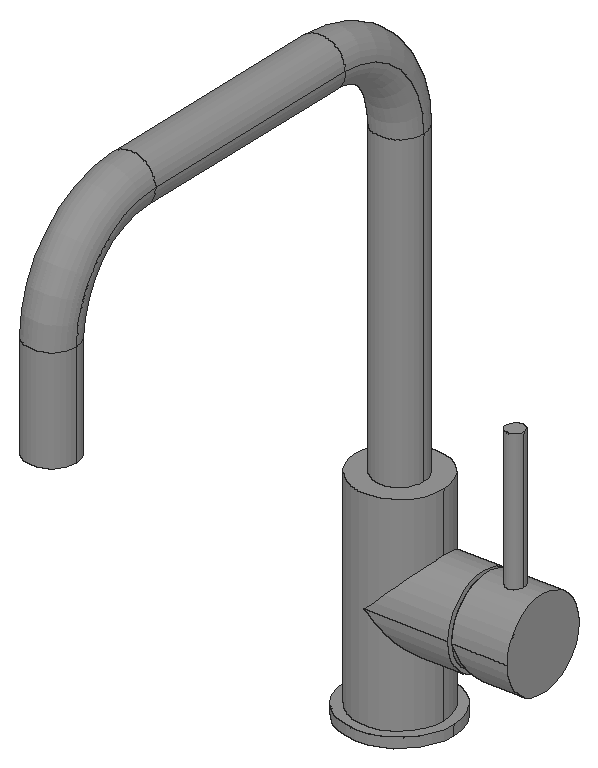
Revit family "Alma-KMBKCL19-Charlotte Square Mixer-Black", category Plumbing Fixtures, Revit 2022
Family settings
  Round Connector Dimension = Use Diameter
  Part Type = Normal
  OmniClass Number = 23.45.00.00
  OmniClass Title = Sanitary, Laundry, and Cleaning Equipment
  Work Plane-Based = No
  Always vertical = Yes
  Cut with Voids When Loaded = No
  Maintain Annotation Orientation = No
  Shared = No
  Room Calculation Point = No
Parameters (values of type "Charlotte Black")
  URL = "https://www.buildmat.com.au/products/charlotte-matte-black-square-mixer"
  Tap Material = Alma Black
  Model = "KMBKCL19"  # constant formula
  Manufacturer = "BUILDMAT"  # constant formula
  Description = "Charlotte Square Mixer"  # constant formula
  Default Elevation = 0 mm
  Created = "22.12.2023"  # constant formula
  Brand = "Alma"  # constant formula
Reference planes
  plane 1 "Center (Front/Back)": y = 0
  plane 2 "Bottom": z = 0
  plane 3 "Center (Left/Right)": x = 0
  plane 4: y = -220
  plane 5 "Top": z = 330
  plane 6: z = 110
  plane 7: z = 215
  plane 8: z = 35
  plane 9: z = 150
  plane 10: x = 72.5
Forms (mm)
  Extrusion 1, solid, material "Alma Black" <- "Tap Material"
    sketch origin (0, 0, 0) x (1, 0, 0) y (0, 1, 0)
      loop
        circle (0, 0) r 27.5
    from 0 to 5
  Extrusion 2, solid, material "Alma Black" <- "Tap Material"
    sketch origin (0, 0, 0) x (1, 0, 0) y (0, 1, 0)
      loop
        circle (0, 0) r 22.5
    from 5 to 110
  Sweep 3, solid, material "Alma Black" <- "Tap Material"
    path origin (0, 0, 0) x (0, 1, 0) y (0, 0, 1)
      loop
        line (0, 110) -> (0, 267.5)
        arc (0, 267.5) -> (-14.645, 302.855) -> (-50, 317.5) r 50
        line (-50, 317.5) -> (-170, 317.5)
        arc (-170, 317.5) -> (-205.355, 302.855) -> (-220, 267.5) r 50
        line (-220, 267.5) -> (-220, 215)
    profile origin (0, 0, 188.75) x (0, -1, 0) y (1, 0, 0)
      loop
        circle (0, 0) r 12.5
  Extrusion 4, solid, material "Alma Black" <- "Tap Material"
    sketch origin (0, 0, -25) x (0, 1, 0) y (0, 0, 1)
      loop
        circle (0, 82.5) r 22.5
    from 0 to 42.5
  Extrusion 5, solid, material "Alma Black" <- "Tap Material"
    sketch origin (0, 0, -25) x (0, 1, 0) y (0, 0, 1)
      loop
        circle (0, 82.5) r 20.5
    from 42.5 to 72.5
  Extrusion 6, solid, material "Alma Black" <- "Tap Material"
    sketch origin (0, 0, -25) x (0, 1, 0) y (0, 0, 1)
      loop
        circle (0, 82.5) r 22.5
    from 44.5 to 72.5
  Extrusion 7, void
    sketch origin (-10, 0, -25) x (1, 0, 0) y (0, 0, 1)
      loop
        line (54.5, 60) -> (64.5, 60) -> (54.5, 82.5) -> (54.5, 60)
    from -22.5 to 22.5
  Extrusion 8, solid, material "Alma Black" <- "Tap Material"
    sketch origin (-10, 0, 0) x (1, 0, 0) y (0, 1, 0)
      loop
        circle (68.5, 0) r 4.5
    from 57.5 to 150
Cuts and joins
  Extrusion 7 cuts Extrusion 6
  joined: Extrusion 1, Extrusion 2, Sweep 3, Extrusion 4, Extrusion 5, Extrusion 6, Extrusion 8
Lines and regions (mm)
  symbolic lines, style "Axis"
    curve 1: line (0, 0, 0) -> (0, 0, 267.5)
    curve 2: line (0, -220, 215) -> (0, -220, 267.5)
    curve 3: line (0, 0, 0) -> (0, 0, 435)
    curve 4: line (0, -170, 317.5) -> (0, -50, 317.5)
    curve 5: arc (0, -170, 317.5) -> (0, -205.355, 302.855) -> (0, -220, 267.5) r 50
    curve 6: arc (0, -50, 317.5) -> (0, -14.645, 302.855) -> (0, 0, 267.5) r 50
Text (mm)
  text "Refer to www.buildmat.com.au for the most current product literature. \nAllow a +/- 5mm tolerance for dimensions shown in the product literature. \nPlease note product details are subject to change due to ongoing product development." at (0.056, -1035.857, 0), in view "Ref. Level"
Dimensions and locks
  plane 4 to plane 1 "Center (Front/Back)" = 220 mm
  plane 5 "Top" to plane 2 "Bottom" = 330 mm
  plane 6 to plane 2 "Bottom" = 110 mm
  plane 7 to plane 2 "Bottom" = 215 mm
  plane 9 to plane 8 to plane 2 "Bottom" = 115 mm, 35 mm
  Extrusion 1 to plane 10 = 100 mm
  aligned and locked: level to plane 2 "Bottom"
  aligned and locked: plane 6 to cut or joined group of Extrusion 1, Extrusion 2, Sweep 3, Extrusion 4, Extrusion 5, Extrusion 6, Extrusion 7, Extrusion 8
  aligned and locked: plane 6 to Sweep 3 sketch curve
